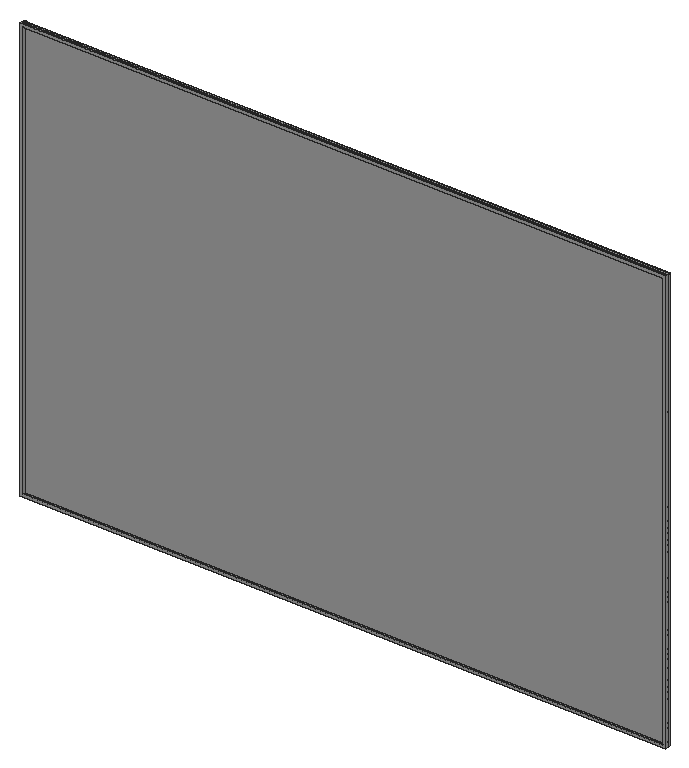
Revit family "Mirror1", category Generic Models, host Wall, Revit 2016
Family settings
  Host = Wall
  Part Type = Normal
  Can host rebar = No
  Round Connector Dimension = Use Diameter
  Always vertical = Yes
  Cut with Voids When Loaded = No
  Shared = No
  Room Calculation Point = No
Parameters
  Mirror Width [instance] = 5' - 4"
  Mirror Thickness [instance] = 0' - 0 1/4"
  Mirror Material [instance] = Glass
  Mirror Height [instance] = 3' - 6"
  Height From Floor [instance] = 3' - 4"
  Frame Width [instance] = 0' - 0 1/4"
  Frame Thickness [instance] = 0' - 0 1/4"
  Frame Material [instance] = Aluminum 1100-H18
Reference planes (in)
  plane 1: y = 0
  plane 2 "Center (Left/Right)": x = 0
  plane 3 "Wall Edge": y = 3
  plane 4: z = 82
  plane 5: z = 40
  plane 6: x = 54.38221
  plane 7: x = -9.61779
  plane 8: y = -3.25
  plane 9: y = -3.5
  plane 10: z = 81.75
  plane 11: x = -9.36779
  plane 12: z = 40.25
  plane 13: x = 54.13221
Forms (in)
  Extrusion 1, solid, material "Glass" <- "Mirror Material"
    sketch origin (0, 3, 0) x (1, 0, 0) y (0, 0, 1)
      loop
        line (54.38221, 82) -> (-9.61779, 82) -> (-9.61779, 40) -> (54.38221, 40) -> (54.38221, 82)
    from 6 to 6.25
  Extrusion 2, solid, material "Aluminum 1100-H18" <- "Frame Material"
    sketch origin (0, -3.25, 0) x (1, 0, 0) y (0, 0, 1)
      loop
        line (54.38221, 82) -> (-9.61779, 82) -> (-9.61779, 40) -> (54.38221, 40) -> (54.38221, 82)
      loop
        line (-9.36779, 81.75) -> (-9.36779, 40.25) -> (54.13221, 40.25) -> (54.13221, 81.75) -> (-9.36779, 81.75)
    from 0 to 0.25
  Extrusion 3, solid, material "Default"
    sketch origin (-60, -3, 0) x (1, 0, 0) y (0, 0, 1)
      loop
        line (114.38221, 82) -> (50.38221, 82) -> (50.38221, 40) -> (114.38221, 40) -> (114.38221, 82)
    from 0 to 0.10156
Text (in)
  text "Placement Side" at (0, 40.15149, 123.01588), in view "Right"
  text "Placement Side" at (-70.3804, 28.46503, 0), in view "Ref. Level"
  text "Placement Side" at (0, 81.62555, 140.59947), in view "Left"
Dimensions and locks (in)
  locked: plane 3 "Wall Edge" to host wall
  "Height From Floor": level to plane 5
  "Mirror Height": plane 5 to plane 4
  "Mirror Width": plane 7 to plane 6
  "Mirror Thickness": host wall to plane 8
  "Frame Thickness": plane 8 to plane 9
  "Frame Width": plane 10 to plane 4
  "Frame Width": plane 7 to plane 11
  "Frame Width": plane 13 to plane 6
  "Frame Width": plane 5 to plane 12
  aligned and locked: plane 6 to Extrusion 1 sketch curve
  aligned and locked: plane 5 to Extrusion 1 sketch curve
  aligned and locked: plane 7 to Extrusion 1 sketch curve
  aligned and locked: plane 4 to Extrusion 1 sketch curve
  aligned and locked: plane 8 to Extrusion 1
  aligned and locked: Extrusion 1 to host wall
  aligned and locked: plane 9 to Extrusion 2
  aligned and locked: plane 13 to Extrusion 2
  aligned and locked: plane 12 to Extrusion 2
  aligned and locked: plane 11 to Extrusion 2
  aligned and locked: plane 10 to Extrusion 2
  aligned and locked: plane 4 to Extrusion 3 sketch curve
  aligned and locked: plane 6 to Extrusion 3 sketch curve
  aligned and locked: plane 5 to Extrusion 3 sketch curve
  aligned and locked: plane 7 to Extrusion 3 sketch curve
Automatic sketch dimensions
  Extrusion 2 sketch curve to Extrusion 1 = 0' - 0"  (x4)
  Extrusion 2 sketch curve to Extrusion 1 = 0' - 0 1/4"  (x4)
